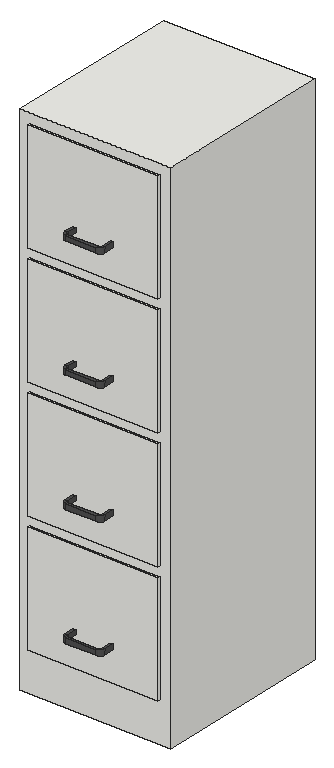
Revit family "Cabinet-File 4 Drawer", category Furniture, Revit 2018
Family settings
  OmniClass Number = 23.40.20.24.24
  OmniClass Title = Filing Cabinets
  Work Plane-Based = No
  Always vertical = Yes
  Cut with Voids When Loaded = No
  Shared = No
  Room Calculation Point = No
Parameters (values of type "15" x 18"")
  Assembly Code = "E2020200"
  Cabinet Material = Steel, Paint Finish, Ivory, Glossy
  Depth = 1' - 6"
  Handle Material = Steel, Chrome Plated
  Height = 4' - 4"
  Width = 1' - 3"
Types (7): name | Depth | Height | Width
  (no name) | 1' - 6" | 4' - 4" | 1' - 3"
  15" x 18" | 1' - 6" | 4' - 4" | 1' - 3"
  15" x 25" | 2' - 1" | 4' - 4" | 1' - 3"
  15" x 29" | 2' - 5" | 4' - 4" | 1' - 3"
  18" x 29" | 2' - 5" | 4' - 4" | 1' - 6"
  36" x 15" Lat. | 1' - 3" | 4' - 5" | 3' - 0"
  36" x 18" Lat. | 1' - 6" | 4' - 5" | 3' - 0"
Reference planes (in)
  plane 1 "Center (Front/Back)": y = -5.59584
  plane 2: z = 0
  plane 3 "Center (Left/Right)": x = -5.03529
  plane 4: x = 2.46471
  plane 5: x = -12.53529
  plane 6: y = 3.40416
  plane 7: y = -14.59584
  plane 8: z = 52
  plane 9: y = -14.84584
Forms (in)
  Extrusion 1, solid, material "Steel, Paint Finish, Ivory, Glossy" <- "Cabinet Material"
    sketch origin (0, 3.40416, 0) x (1, 0, 0) y (0, 0, 1)
      loop
        line (-11.53529, 51) -> (-11.53529, 40) -> (1.46471, 40) -> (1.46471, 51) -> (-11.53529, 51)
      loop
        line (-11.53529, 28) -> (1.46471, 28) -> (1.46471, 39) -> (-11.53529, 39) -> (-11.53529, 28)
      loop
        line (-11.53529, 27) -> (-11.53529, 16) -> (1.46471, 16) -> (1.46471, 27) -> (-11.53529, 27)
      loop
        line (-11.53529, 15) -> (-11.53529, 4) -> (1.46471, 4) -> (1.46471, 15) -> (-11.53529, 15)
    from 18 to 18.25
  Extrusion 2, solid, material "Steel, Paint Finish, Ivory, Glossy" <- "Cabinet Material"
    sketch origin (0, 0, 0) x (1, 0, 0) y (0, 1, 0)
      loop
        line (-12.53529, 3.40416) -> (-12.53529, -14.59584) -> (2.46471, -14.59584) -> (2.46471, 3.40416) -> (-12.53529, 3.40416)
    from 0 to 52
  Sweep 3, solid, material "Steel, Chrome Plated" <- "Handle Material"
    path origin (0, 0, 0) x (1, 0, 0) y (0, 1, 0)
      loop
        line (-7.03529, -14.84584) -> (-7.03529, -15.84584)
        arc (-7.03529, -15.84584) -> (-6.88885, -16.19939) -> (-6.53529, -16.34584) r 0.5
        line (-6.53529, -16.34584) -> (-3.53529, -16.34584)
        arc (-3.53529, -16.34584) -> (-3.18174, -16.19939) -> (-3.03529, -15.84584) r 0.5
        line (-3.03529, -15.84584) -> (-3.03529, -14.84584)
    profile origin (0, -15.34584, 0) x (1, 0, 0) y (0, 0, 1)
      loop
        line (-7.03529, 7) -> (-6.78529, 7) -> (-6.78529, 7.5) -> (-7.03529, 7.5) -> (-7.03529, 7)
      loop
        line (-7.03529, 19) -> (-6.78529, 19) -> (-6.78529, 19.5) -> (-7.03529, 19.5) -> (-7.03529, 19)
      loop
        line (-7.03529, 31) -> (-6.78529, 31) -> (-6.78529, 31.5) -> (-7.03529, 31.5) -> (-7.03529, 31)
      loop
        line (-7.03529, 43) -> (-6.78529, 43) -> (-6.78529, 43.5) -> (-7.03529, 43.5) -> (-7.03529, 43)
Lines and regions (in)
  Masking region 1
    outline origin (0, 0, 0) x (1, 0, 0) y (0, 1, 0)
      loop
        line (-12.53529, 3.40416) -> (-12.53529, -14.59584) -> (2.46471, -14.59584) -> (2.46471, 3.40416) -> (-12.53529, 3.40416)
  Masking region 2
    outline origin (0, 0, 0) x (1, 0, 0) y (0, 1, 0)
      loop
        line (-11.53529, -14.59584) -> (-11.53529, -14.84584) -> (1.46471, -14.84584) -> (1.46471, -14.59584) -> (-11.53529, -14.59584)
  symbolic lines
    curve 1: line (-6.78529, -15.84584, 0) -> (-6.78529, -14.84584, 0)
    curve 2: line (-3.53529, -16.09584, 0) -> (-6.53529, -16.09584, 0)
    curve 3: line (-3.28529, -14.84584, 0) -> (-3.28529, -15.84584, 0)
    curve 4: arc (-3.53529, -16.09584, 0) -> (-3.35852, -16.02262, 0) -> (-3.28529, -15.84584, 0) r 0.25
    curve 5: arc (-6.78529, -15.84584, 0) -> (-6.71207, -16.02262, 0) -> (-6.53529, -16.09584, 0) r 0.25
Dimensions and locks (in)
  equal spacing: plane 5, plane 3 "Center (Left/Right)", plane 4
  equal spacing: plane 7, plane 1 "Center (Front/Back)", plane 6
  "Width": plane 5 to plane 4
  "Depth": plane 7 to plane 6
  "Height": plane 8 to plane 2
  plane 7 to plane 9 = 0' - 0 1/4"
  aligned and locked: plane 7 to Extrusion 1
  aligned and locked: Extrusion 1 to plane 9
  aligned and locked: Extrusion 2 to plane 8
  aligned and locked: Extrusion 2 to level
  aligned and locked: plane 4 to Masking region 1 sketch curve
  aligned and locked: plane 6 to Masking region 1 sketch curve
  aligned and locked: Masking region 1 sketch curve to plane 5
  aligned and locked: plane 7 to Masking region 1 sketch curve
  aligned and locked: plane 9 to Masking region 2 sketch curve
  aligned and locked: Masking region 2 sketch curve to plane 7
  aligned and locked: Masking region 2 sketch curve to Extrusion 1  (x2)
  aligned and locked: curve 1 to Sweep 3
  aligned and locked: curve 2 to Sweep 3
  aligned and locked: curve 3 to Sweep 3
  aligned: curve 5 to Sweep 3
Automatic sketch dimensions
  Extrusion 1 sketch curve to plane 5 = 0' - 1"  (x3)
  Extrusion 1 sketch curve to Extrusion 1 sketch curve = 0' - 0"  (x2)
  plane 4 to Extrusion 1 sketch curve = 0' - 1"  (x3)
  level to Extrusion 1 sketch curve = 0' - 4"
  plane 8 to Extrusion 1 sketch curve = 0' - 1"
  Extrusion 1 sketch curve to Extrusion 1 sketch curve = 0' - 11"  (x3)
  Extrusion 1 sketch curve to Extrusion 1 sketch curve = 0' - 1"  (x3)
  Sweep 3 sketch curve to plane 9 = 0' - 0"  (x2)
  plane 9 to Sweep 3 sketch curve = 0' - 1"
  Sweep 3 sketch curve to plane 3 "Center (Left/Right)" = 0' - 2"
  Sweep 3 sketch curve to plane 3 "Center (Left/Right)" = 0' - 1 1/2"
  plane 3 "Center (Left/Right)" to Sweep 3 sketch curve = 0' - 1 1/2"
  Sweep 3 sketch curve to Sweep 3 sketch curve = 0' - 0 1/2"  (x5)
  Sweep 3 sketch curve to profile plane = 0' - 0"  (x4)
  Sweep 3 sketch curve to Sweep 3 sketch curve = 0' - 0 1/4"  (x4)
  level to Sweep 3 sketch curve = 0' - 7"
  Sweep 3 sketch curve to Sweep 3 sketch curve = 0' - 11 1/2"  (x3)
  Extrusion 2 sketch curve to plane 6 = 0' - 0"
  Extrusion 2 sketch curve to plane 4 = 0' - 0"
  Extrusion 2 sketch curve to plane 5 = 0' - 0"
  Extrusion 2 sketch curve to plane 7 = 0' - 0"
  curve 1 to plane 9 = 0' - 0"
  curve 3 to plane 9 = 0' - 0"
  curve 2 to curve 3 = 0' - 0 1/4"
  curve 1 to curve 5 = 0' - 0 1/4"
